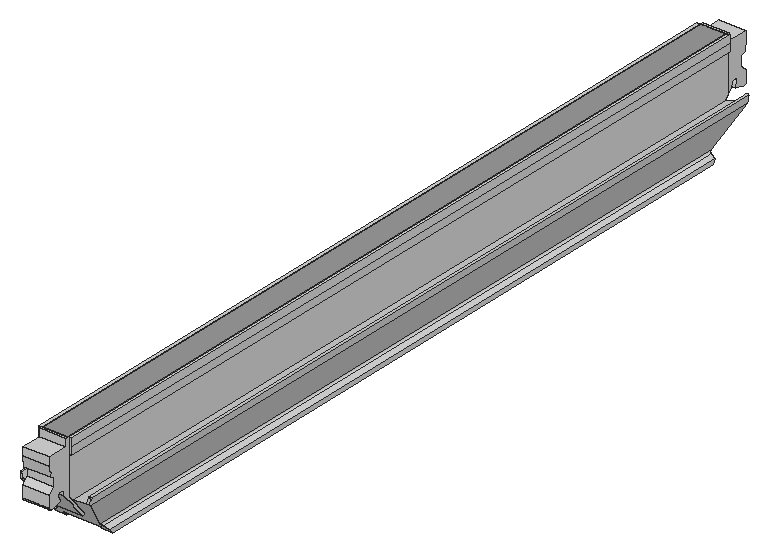
Revit family "CC4_BEAM CC W 27 1,5_1870705", category Generic Models, Revit 2018
Family settings
  Can host rebar = No
  Round Connector Dimension = Use Diameter
  Part Type = Normal
  OmniClass Number = 35.51.14.00
  OmniClass Title = FORMWORK
  Work Plane-Based = Yes
  Always vertical = No
  Cut with Voids When Loaded = No
  Shared = Yes
  Room Calculation Point = No
Parameters
  VERSION = "20190101"  # constant formula
  URL = "www.ulmaconstruction.com/en"
  UNICLASS = ""
  ITEM_CODE = "1870705"
  Manufacturer = "ULMA CONSTRUCTION"  # constant formula
  FILTER [instance] = ""
  Default Elevation = 0.000 mm
  CLASSIFICATION_TITLE = ""
  CLASSIFICATION_NUMBER = ""
Reference planes
  plane 1 "Centro (Frontal/Posterior)": y = 0
  plane 2: z = 0
  plane 3 "Centro (Izquierda/Derecha)": x = 0
  plane 4 "ITEM_LENGTH": y = 1500
Forms (mm)
  Extrusion 1, solid, material "ULMA ZINC", detail levels fine
    sketch origin (0, 0, 0) x (1, 0, 0) y (0, 0, 1)
      loop
        line (-21, -27) -> (-26.845, -27) -> (-27.5, -39.498) -> (-27.282, -51.996) -> (-24.5, -51.996) -> (-24.5, -122.603) -> (-52.5, -115.1) -> (-55.064, -105.531)
        arc (-55.064, -105.531) -> (-56.805, -104.448) -> (-58, -106.115) r 1.5
        line (-58, -106.115) -> (-56.512, -117.419) -> (-35.076, -172.601)
        arc (-35.076, -172.601) -> (-35.149, -174.945) -> (-36.886, -176.521) r 3
        line (-36.886, -176.521) -> (-46.986, -180.038) -> (-46.986, -185.998) -> (-29, -185.998) -> (-29, -179.5) -> (29, -179.5) -> (29, -185.998) -> (46.986, -185.998) -> (46.986, -180.038) -> (36.886, -176.521)
        arc (36.886, -176.521) -> (35.149, -174.945) -> (35.076, -172.601) r 3
        line (35.076, -172.601) -> (56.512, -117.419) -> (58, -106.115)
        arc (58, -106.115) -> (56.805, -104.448) -> (55.064, -105.531) r 1.5
        line (55.064, -105.531) -> (52.5, -115.1) -> (24.5, -122.603) -> (24.5, -51.996) -> (27.282, -51.996) -> (27.5, -39.498) -> (26.845, -27) -> (21, -27) -> (21, -76.5) -> (-21, -76.5) -> (-21, -27)
    from -1430 to -70
  Extrusion 2, solid, material "ULMA POLYPROPYLENE BLACK"
    sketch origin (0, 0, 0) x (1, 0, 0) y (0, 0, 1)
      loop
        line (-21, -27) -> (-21, -76.5) -> (21, -76.5) -> (21, -27) -> (-21, -27)
    from -1430 to -70
  Extrusion 3, solid, material "ULMA ZINC", detail levels fine
    sketch origin (0, 0, 0) x (0, 1, 0) y (0, 0, 1)
      loop
        line (70, -27.52) -> (65, -27.52) -> (65, -39.52) -> (30.211, -39.52) -> (29.97, -53.32) -> (33, -70.32) -> (40, -72.868) -> (40, -87.55) -> (30.844, -96.706) -> (30.844, -115.701)
        arc (30.844, -115.701) -> (32.409, -118.875) -> (35.88, -119.565) r 4
        line (35.88, -119.565) -> (51.009, -115.511)
        arc (51.009, -115.511) -> (50.156, -110.233) -> (47.791, -105.438) r 18.004
        arc (47.791, -105.438) -> (47.629, -102.853) -> (49.844, -101.511) r 2.5
        line (49.844, -101.511) -> (57.072, -101.511)
        arc (57.072, -101.511) -> (58.684, -102.109) -> (59.536, -103.599) r 2.5
        line (59.536, -103.599) -> (60.708, -110.465) -> (99.353, -156.52) -> (102.573, -153.819) -> (70, -115) -> (70, -27.52)
    from -22 to 22
  Extrusion 4, solid, material "ULMA ZINC", detail levels fine
    sketch origin (0, 0, 0) x (0, 1, 0) y (0, 0, 1)
      loop
        line (1430, -27.52) -> (1430, -115) -> (1397.427, -153.819) -> (1400.647, -156.52) -> (1439.292, -110.465) -> (1440.464, -103.599)
        arc (1440.464, -103.599) -> (1441.316, -102.109) -> (1442.928, -101.511) r 2.5
        line (1442.928, -101.511) -> (1450.156, -101.511)
        arc (1450.156, -101.511) -> (1452.371, -102.853) -> (1452.209, -105.438) r 2.5
        arc (1452.209, -105.438) -> (1449.844, -110.233) -> (1448.991, -115.511) r 18.004
        line (1448.991, -115.511) -> (1464.12, -119.565)
        arc (1464.12, -119.565) -> (1467.591, -118.875) -> (1469.156, -115.701) r 4
        line (1469.156, -115.701) -> (1469.156, -96.706) -> (1460, -87.55) -> (1460, -72.868) -> (1467, -70.32) -> (1470.03, -53.32) -> (1469.789, -39.52) -> (1435, -39.52) -> (1435, -27.52) -> (1430, -27.52)
    from -22 to 22
  Extrusion 5, solid, material "ULMA ZINC", detail levels coarse+medium
    sketch origin (0, 0, 0) x (1, 0, 0) y (0, 0, 1)
      loop
        line (-21, -27) -> (-58, -27) -> (-58, -185.998) -> (58, -185.998) -> (58, -27) -> (21, -27) -> (21, -72) -> (-21, -72) -> (-21, -27)
    from -1430 to -70
  Extrusion 6, solid, material "ULMA ZINC", detail levels coarse+medium
    sketch origin (0, 0, 0) x (0, 1, 0) y (0, 0, 1)
      loop
        line (70, -39.52) -> (35, -39.52) -> (35, -101.511) -> (70, -101.511) -> (70, -39.52)
    from -22 to 22
  Extrusion 7, solid, material "ULMA ZINC", detail levels coarse+medium
    sketch origin (0, 0, 0) x (0, 1, 0) y (0, 0, 1)
      loop
        line (1430, -39.52) -> (1430, -101.511) -> (1465, -101.511) -> (1465, -39.52) -> (1430, -39.52)
    from -22 to 22
  Extrusion 8, void
    sketch origin (0, 0, 0) x (0, 1, 0) y (0, 0, 1)
      loop
        line (68, -112.616) -> (68, -187.998) -> (131.253, -187.998) -> (68, -112.616)
    from -60 to 60
  Extrusion 9, void
    sketch origin (0, 0, 0) x (0, 1, 0) y (0, 0, 1)
      loop
        line (1368.747, -187.998) -> (1432, -187.998) -> (1432, -112.616) -> (1368.747, -187.998)
    from -60 to 60
Cuts and joins
  Extrusion 8, Extrusion 9 cuts Extrusion 1
  Extrusion 8, Extrusion 9 cuts Extrusion 5
  Extrusion 8 cuts Extrusion 6
  Extrusion 9 cuts Extrusion 7
Dimensions and locks
  plane 1 "Centro (Frontal/Posterior)" to plane 4 "ITEM_LENGTH" = 1500.000 mm
  locked: plane 4 "ITEM_LENGTH" to plane 1 "Centro (Frontal/Posterior)" at 1500
  aligned and locked: level to plane 2
